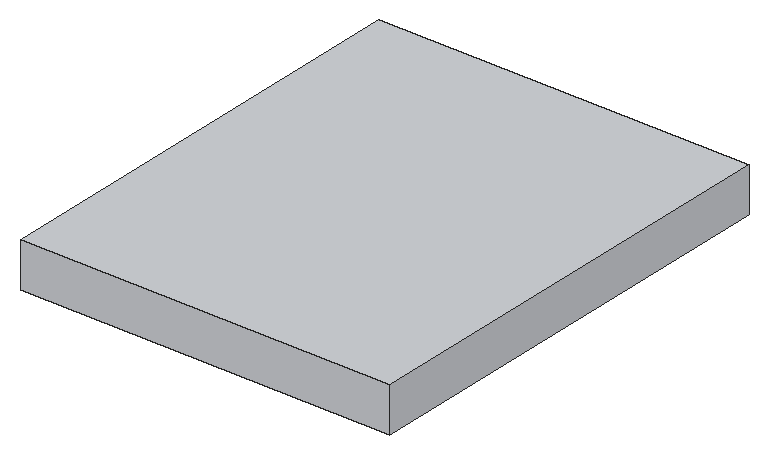
Revit family "FLAKE-AQ015xxFWSxx0DPO0xxx", category Leuchten, Revit 2019
Family settings
  Basisbauteil = Fläche
  Bemaßung runder Anschluss = Durchmesser verwenden
  Teiletyp = Normal
  OmniClass-Nummer = 23.80.70.11
  OmniClass-Titel = Luminaries for Internal Lighting
  Beim Laden mit Abzugskörper schneiden = Nein
  Lichtquelle = Ja
  Gemeinsam genutzt = Nein
  Raumberechnungspunkt = Nein
Parameters (values of type "FLAKE-AQ015NDFWS840DPO0175")
  width = 150 mm  # constant formula
  weight = "0.7"
  voltage type (AC, DC, UC) = "AC"
  rated input power = 15
  product name = "FLAKE-AQ015NDFWS840DPO0175"
  nominal voltage = "230"
  nominal frequency = "50-60Hz"
  length = 150 mm  # constant formula
  ingress protection (IP) code = "IP20"
  height = 51 mm  # constant formula
  electrical safety class = "1"
  control gear = ""
  conformity mark = "CE"  # constant formula
  brand = "RIDI"
  approval mark = ""
  built-in parameter 1150104 = 13.8 (stored number, unit not read)
  Wattage = 10.1655 W
  Emit from Rectangle Width = 133 mm  # constant formula
  Emit from Rectangle Length = 133 mm  # constant formula
  Default Elevation = 0 mm
  built-in parameter 1150113 = 1 (stored number, unit not read)
  built-in parameter 1114218 = 1 (stored number, unit not read)
  URL = "www.ridi.de"
  built-in parameter 1150134 = 12
  built-in parameter 1150109 = 1 (stored number, unit not read)
  built-in parameter 1150110 = 1 (stored number, unit not read)
  Apparent Load = 15 VA
  Tilt Angle = 90.00°
  Modell = "0627723AH"
  built-in parameter 1114217 = 1 (stored number, unit not read)
  built-in parameter 1150139 = (empty or 0)
  built-in parameter 1150105 = 120.16 (stored number, unit not read)
  built-in parameter 1150114 = 1 (stored number, unit not read)
  Lumens = 1510 lm
  built-in parameter 1150115 = 1 (stored number, unit not read)
  built-in parameter 1150112 = 1 (stored number, unit not read)
  Lampe = "LED"
  Hersteller = "RIDI Leuchten GmbH"  # constant formula
  Dimming Lamp Color Temperature Shift = (empty or 0)
  Color Filter = 16777215
  built-in parameter 1150133 = 10 (stored number, unit not read)
  Emit Shape Visible in Rendering = no
  built-in parameter 1150137 = (empty or 0)
  built-in parameter 1150132 = 2
  Datei für fotometrisches Netz = "FLAKE-AQ015.IES"
  Copyright = "© RIDI. All rights reserved."  # constant formula
  built-in parameter 1150106 = 1.2016 (stored number, unit not read)
  Baugruppenkennzeichen = "D5020200"
  built-in parameter 1150107 = 4000 (stored number, unit not read)
  built-in parameter 1150102 = (empty or 0)
  built-in parameter 1150138 = (empty or 0)
Types (7, lengths in mm): name | rated input power | product name | Wattage | built-in parameter 1150134 | Apparent Load | Modell | built-in parameter 1150105 | Lumens | built-in parameter 1150106 | built-in parameter 1150107
  (no name) | 15 | "FLAKE-AQ015NDFWS840DPO0175" | 10.1655 W | 12 | 15 VA | "0627723AH" | 120.16 (stored number, unit not read) | 1510 lm | 1.2016 (stored number, unit not read) | 4000 (stored number, unit not read)
  FLAKE-AQ015DAFWS830DPO0150 | 15 | "FLAKE-AQ015DAFWS830DPO0150" | 9.69423 W | (empty or 0) | 15 VA | "0637722AH" | 114.59 (stored number, unit not read) | 1440 lm | 1.1459 (stored number, unit not read) | 3000 (stored number, unit not read)
  FLAKE-AQ015DAFWS840DPO0175 | 15 | "FLAKE-AQ015DAFWS840DPO0175" | 10.1655 W | 12 | 15 VA | "0637723AH" | 120.16 (stored number, unit not read) | 1510 lm | 1.2016 (stored number, unit not read) | 4000 (stored number, unit not read)
  FLAKE-AQ015NDFWS830DPO0150 | 15 | "FLAKE-AQ015NDFWS830DPO0150" | 9.69423 W | (empty or 0) | 15 VA | "0627722AH" | 114.59 (stored number, unit not read) | 1440 lm | 1.1459 (stored number, unit not read) | 3000 (stored number, unit not read)
  FLAKE-AQ015NDFWS840DPO0175 | 15 | "FLAKE-AQ015NDFWS840DPO0175" | 10.1655 W | 12 | 15 VA | "0627723AH" | 120.16 (stored number, unit not read) | 1510 lm | 1.2016 (stored number, unit not read) | 4000 (stored number, unit not read)
  FLAKE-AQ015NDFWS830DPO0050 | 5 | "FLAKE-AQ015NDFWS830DPO0050" | 3.43337 W | (empty or 0) | 5 VA | "0627772AH" | 40.585 (stored number, unit not read) | 510 lm | 0.40585 (stored number, unit not read) | 3000 (stored number, unit not read)
  FLAKE-AQ015NDFWS840DPO0050 | 5 | "FLAKE-AQ015NDFWS840DPO0050" | 3.63534 W | 12 | 5 VA | "0627773AH" | 42.972 (stored number, unit not read) | 540 lm | 0.42972 (stored number, unit not read) | 4000 (stored number, unit not read)
Reference planes
  plane 1 "Mitte (Vorne/hinten)": y = 0
  plane 2: z = 40.31
  plane 3 "Mitte (Links/rechts)": x = 0
Forms (mm)
  Extrusion 1, solid
    sketch origin (219.2, 280.8, 39.995) x (1, 0, 0) y (0, 1, 0)
      loop
        line (-730.247, 333.154) -> (-730.247, -756.223) -> (166.07, -756.223) -> (166.07, 333.154) -> (-730.247, 333.154)
    from 0.315 to -107.307
Dimensions and locks
  aligned and locked: plane 2 to Extrusion 1
  aligned and locked: import instance to imposter light
  aligned and locked: import instance to Extrusion 1
Connectors
  electrical at (-6, 12, 45.81), driven by "Apparent Load"
    settings: on import instance, index 1, voltage 230 V, apparent load 0 VA, apparent load phase1 15 VA, apparent load phase2 0 VA, apparent load phase3 0 VA, power factor 1, load classification "Lighting", number of poles 1, system type 31, power factor state 1, is connector primary yes, connector utility no, sub classification motor no, connector description ""
